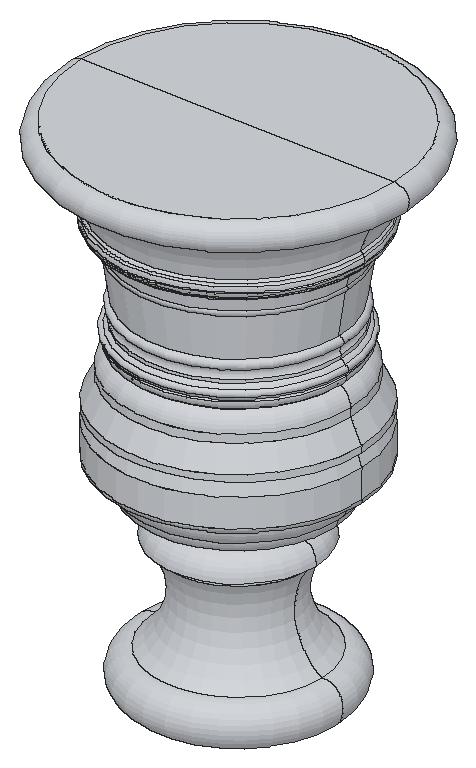
Revit family
Parameters (values of type "SBSP-047.1")
  Width = 1' - 4"
  URL = "www.strombergarchitectural.com"
  Top Material = GFRC
  Submittal Sheet = "www.strombergarchitectural.com/images/materials/gfrc/submittal/gfrc-submittal-sheet.pdf"
  Specifications = "www.strombergarchitectural.com/gfrcspecifications"
  Model Cut-sheet = "www.strombergarchitectural.com/products/bollards/design/SBSP-047"
  Model = "SBSP-047"
  Manufacturer = "Stromberg Architectural Products"
  Guidebook = "www.strombergarchitectural.com/images/materials/gfrc/handbooks/gfrc_guidebook.pdf   \r\n(http://www.strombergarchitectural.com/images/materials/gfrc/handbooks/gfrc_guidebook.pdf"
  Frame Material = none
  Description = "GFRC Bollard"
  Assembly Code = ""
  Height = 2' - 0"
  XXX.5 = no
  XXX.4 = no
  XXX.3 = no
  XXX.2 = no
  XXX.1 = yes
Types (6): name | Width | Guidebook | Height | XXX.5 | XXX.4 | XXX.3 | XXX.2 | XXX.1
  (no name) | 1' - 4" | "www.strombergarchitectural.com/images/materials/gfrc/handbooks/gfrc_guidebook.pdf   \r\n(http://www.strombergarchitectural.com/images/materials/gfrc/handbooks/gfrc_guidebook.pdf" | 2' - 0" | no | no | no | no | yes
  SBSP-047.3 | 2' - 0" | "www.strombergarchitectural.com/images/materials/gfrc/handbooks/gfrc_guidebook.pdf" | 3' - 0" | no | no | yes | no | no
  SBSP-047.1 | 1' - 4" | "www.strombergarchitectural.com/images/materials/gfrc/handbooks/gfrc_guidebook.pdf   \r\n(http://www.strombergarchitectural.com/images/materials/gfrc/handbooks/gfrc_guidebook.pdf" | 2' - 0" | no | no | no | no | yes
  SBSP-047.2 | 1' - 8" | "www.strombergarchitectural.com/images/materials/gfrc/handbooks/gfrc_guidebook.pdf" | 2' - 6" | no | no | no | yes | no
  SBSP-047.4 | 2' - 4" | "www.strombergarchitectural.com/images/materials/gfrc/handbooks/gfrc_guidebook.pdf" | 3' - 6" | no | yes | no | no | no
  SBSP-047.5 | 2' - 8" | "www.strombergarchitectural.com/images/materials/gfrc/handbooks/gfrc_guidebook.pdf" | 4' - 0" | yes | no | no | no | no
Reference planes (in)
  plane 1 "Center (Front/Back)": y = 3.74847
  plane 2: z = 0
  plane 3 "Center (Left/Right)": x = 0.7278
Forms (in)
  Revolve 1, solid, visible <- "XXX.1"
    sketch origin (0, 3.74847, 0) x (1, 0, 0) y (0, 0, 1)
      loop
        arc (-6.60807, 24) -> (-7.2603, 23.34776) -> (-6.60807, 22.69553) r 0.65224
        arc (-6.60807, 22.69553) -> (-5.57922, 21.80649) -> (-5.02224, 20.56606) r 3.14268
        arc (-5.02224, 20.56606) -> (-5.07581, 20.50282) -> (-5.11984, 20.4326) r 0.58119
        arc (-5.11984, 20.4326) -> (-5.12367, 20.37025) -> (-5.16449, 20.32296) r 0.09771
        arc (-5.16449, 20.32296) -> (-5.18621, 20.20378) -> (-5.18275, 20.08269) r 0.58119
        arc (-5.18275, 20.08269) -> (-5.16198, 20.06238) -> (-5.1746, 20.03621) r 0.02489
        arc (-5.1746, 20.03621) -> (-5.14695, 19.94549) -> (-5.10492, 19.86048) r 0.58119
        arc (-5.10492, 19.86048) -> (-5.03968, 19.81624) -> (-5.01145, 19.74265) r 0.13156
        arc (-5.01145, 19.74265) -> (-4.86168, 19.63746) -> (-4.68662, 19.58406) r 0.58119
        line (-4.68662, 19.58406) -> (-4.52676, 19.58406)
        arc (-4.52676, 19.58406) -> (-4.44109, 19.22883) -> (-4.36101, 18.8723) r 23.27188
        arc (-4.36101, 18.8723) -> (-4.37731, 18.73324) -> (-4.30635, 18.61254) r 0.21983
        arc (-4.30635, 18.61254) -> (-4.1274, 17.63051) -> (-3.99074, 16.64171) r 23.27188
        arc (-3.99074, 16.64171) -> (-4.18455, 16.50392) -> (-4.12563, 16.27353) r 0.21009
        arc (-4.12563, 16.27353) -> (-4.02803, 16.06396) -> (-4.08216, 15.83921) r 0.35049
        arc (-4.08216, 15.83921) -> (-4.08283, 15.75766) -> (-4.07673, 15.67633) r 0.98035
        arc (-4.07673, 15.67633) -> (-4.17547, 15.60355) -> (-4.25067, 15.50663) r 0.44614
        arc (-4.25067, 15.50663) -> (-4.39726, 15.42823) -> (-4.38651, 15.26233) r 0.15352
        arc (-4.38651, 15.26233) -> (-4.35917, 15.16702) -> (-4.27783, 15.11031) r 0.14812
        arc (-4.27783, 15.11031) -> (-4.2697, 15.054) -> (-4.30113, 15.00656) r 0.07986
        arc (-4.30113, 15.00656) -> (-4.24398, 14.77273) -> (-4.0526, 14.62673) r 0.36122
        arc (-4.0526, 14.62673) -> (-4.00003, 14.63481) -> (-3.96254, 14.5971) r 0.05867
        arc (-3.96254, 14.5971) -> (-3.99271, 14.58324) -> (-4.02063, 14.56527) r 0.23512
        arc (-4.02063, 14.56527) -> (-4.39155, 14.25878) -> (-4.54176, 13.80166) r 0.86643
        line (-4.54176, 13.80166) -> (-4.54176, 13.42074) -> (-5.06697, 12.40443) -> (-5.06697, 12.09437) -> (-4.89301, 12.09437) -> (-5.07946, 11.45988) -> (-5.07946, 10.11941)
        arc (-5.07946, 10.11941) -> (-4.98022, 9.91412) -> (-4.75714, 9.86687) r 0.25896
        arc (-4.75714, 9.86687) -> (-4.64899, 9.9796) -> (-4.4928, 9.98215) r 0.20304
        arc (-4.4928, 9.98215) -> (-4.43793, 9.85981) -> (-4.37831, 9.73972) r 3.42057
        arc (-4.37831, 9.73972) -> (-4.26629, 9.25523) -> (-3.93477, 8.88459) r 1
        arc (-3.93477, 8.88459) -> (-3.63101, 8.39816) -> (-3.06945, 8.2818) r 0.7292
        arc (-3.06945, 8.2818) -> (-2.54589, 7.97384) -> (-1.93887, 7.95189) r 1.23838
        line (-1.93887, 7.95189) -> (-1.93887, 7.61855)
        arc (-1.93887, 7.61855) -> (-2.64597, 7.32566) -> (-2.93887, 6.61855) r 1
        line (-2.93887, 6.61855) -> (-2.5222, 6.61855) -> (-2.5222, 6.28522)
        arc (-2.5222, 6.28522) -> (-1.93964, 4.00012) -> (-3.18887, 2) r 2.99977
        arc (-3.18887, 2) -> (-4.18887, 1) -> (-3.18887, 0) r 1
        line (-3.18887, 0) -> (0.7278, 0) -> (0.7278, 24) -> (-6.60807, 24)
      axis (0.7278, 24) -> (0.7278, 0)
    angle from 0 to 360
  Revolve 2, solid, visible <- "XXX.2"
    sketch origin (0, 3.74847, 0) x (1, 0, 0) y (0, 0, 1)
      loop
        arc (-8.44203, 30) -> (-9.25733, 29.18471) -> (-8.44203, 28.36941) r 0.81529
        arc (-8.44203, 28.36941) -> (-7.15598, 27.25811) -> (-6.45974, 25.70757) r 3.92835
        arc (-6.45974, 25.70757) -> (-6.52671, 25.62852) -> (-6.58175, 25.54075) r 0.72649
        arc (-6.58175, 25.54075) -> (-6.58654, 25.46281) -> (-6.63756, 25.4037) r 0.12214
        arc (-6.63756, 25.4037) -> (-6.66471, 25.25473) -> (-6.66039, 25.10336) r 0.72649
        arc (-6.66039, 25.10336) -> (-6.63442, 25.07797) -> (-6.6502, 25.04526) r 0.03112
        arc (-6.6502, 25.04526) -> (-6.61564, 24.93187) -> (-6.5631, 24.8256) r 0.72649
        arc (-6.5631, 24.8256) -> (-6.48156, 24.7703) -> (-6.44626, 24.67832) r 0.16444
        arc (-6.44626, 24.67832) -> (-6.25904, 24.54683) -> (-6.04022, 24.48008) r 0.72649
        line (-6.04022, 24.48008) -> (-5.8404, 24.48008)
        arc (-5.8404, 24.48008) -> (-5.73331, 24.03604) -> (-5.63321, 23.59038) r 29.08985
        arc (-5.63321, 23.59038) -> (-5.65359, 23.41655) -> (-5.56489, 23.26568) r 0.27479
        arc (-5.56489, 23.26568) -> (-5.34121, 22.03814) -> (-5.17037, 20.80213) r 29.08985
        arc (-5.17037, 20.80213) -> (-5.41264, 20.6299) -> (-5.33899, 20.34191) r 0.26262
        arc (-5.33899, 20.34191) -> (-5.21699, 20.07995) -> (-5.28465, 19.79901) r 0.43811
        arc (-5.28465, 19.79901) -> (-5.28549, 19.69707) -> (-5.27786, 19.59542) r 1.22544
        arc (-5.27786, 19.59542) -> (-5.40129, 19.50444) -> (-5.49528, 19.38329) r 0.55767
        arc (-5.49528, 19.38329) -> (-5.67853, 19.28528) -> (-5.66509, 19.07791) r 0.1919
        arc (-5.66509, 19.07791) -> (-5.63091, 18.95877) -> (-5.52924, 18.88789) r 0.18515
        arc (-5.52924, 18.88789) -> (-5.51908, 18.8175) -> (-5.55836, 18.7582) r 0.09982
        arc (-5.55836, 18.7582) -> (-5.48692, 18.46591) -> (-5.2477, 18.28341) r 0.45152
        arc (-5.2477, 18.28341) -> (-5.18199, 18.29351) -> (-5.13512, 18.24637) r 0.07334
        arc (-5.13512, 18.24637) -> (-5.17283, 18.22905) -> (-5.20773, 18.20659) r 0.29389
        arc (-5.20773, 18.20659) -> (-5.67139, 17.82348) -> (-5.85915, 17.25208) r 1.08303
        line (-5.85915, 17.25208) -> (-5.85915, 16.77592) -> (-6.51567, 15.50554) -> (-6.51567, 15.11797) -> (-6.29822, 15.11797) -> (-6.53128, 14.32485) -> (-6.53128, 12.64927)
        arc (-6.53128, 12.64927) -> (-6.40723, 12.39265) -> (-6.12838, 12.33359) r 0.32369
        arc (-6.12838, 12.33359) -> (-5.99319, 12.4745) -> (-5.79795, 12.47769) r 0.2538
        arc (-5.79795, 12.47769) -> (-5.72936, 12.32477) -> (-5.65484, 12.17465) r 4.27571
        arc (-5.65484, 12.17465) -> (-5.51482, 11.56903) -> (-5.10041, 11.10574) r 1.24999
        arc (-5.10041, 11.10574) -> (-4.72072, 10.4977) -> (-4.01877, 10.35225) r 0.91151
        arc (-4.01877, 10.35225) -> (-3.36431, 9.9673) -> (-2.60553, 9.93986) r 1.54798
        line (-2.60553, 9.93986) -> (-2.60553, 9.52319)
        arc (-2.60553, 9.52319) -> (-3.48942, 9.15708) -> (-3.85553, 8.27319) r 1.25
        line (-3.85553, 8.27319) -> (-3.3347, 8.27319) -> (-3.3347, 7.85653)
        arc (-3.3347, 7.85653) -> (-2.6065, 5.00015) -> (-4.16803, 2.5) r 3.74971
        arc (-4.16803, 2.5) -> (-5.41803, 1.25) -> (-4.16803, 0) r 1.25
        line (-4.16803, 0) -> (0.7278, 0) -> (0.7278, 30) -> (-8.44203, 30)
      axis (0.7278, 30) -> (0.7278, 0)
    angle from 0 to 360
  Revolve 3, solid, visible <- "XXX.3"
    sketch origin (0, 3.74847, 0) x (1, 0, 0) y (0, 0, 1)
      loop
        arc (-10.276, 36) -> (-11.25435, 35.02165) -> (-10.276, 34.04329) r 0.97835
        arc (-10.276, 34.04329) -> (-8.73274, 32.70974) -> (-7.89725, 30.84909) r 4.71403
        arc (-7.89725, 30.84909) -> (-7.97761, 30.75423) -> (-8.04366, 30.6489) r 0.87179
        arc (-8.04366, 30.6489) -> (-8.04941, 30.55537) -> (-8.11063, 30.48444) r 0.14657
        arc (-8.11063, 30.48444) -> (-8.14321, 30.30567) -> (-8.13803, 30.12404) r 0.87179
        arc (-8.13803, 30.12404) -> (-8.10686, 30.09357) -> (-8.1258, 30.05432) r 0.03734
        arc (-8.1258, 30.05432) -> (-8.08433, 29.91824) -> (-8.02128, 29.79072) r 0.87179
        arc (-8.02128, 29.79072) -> (-7.92343, 29.72436) -> (-7.88107, 29.61398) r 0.19733
        arc (-7.88107, 29.61398) -> (-7.65641, 29.45619) -> (-7.39383, 29.37609) r 0.87179
        line (-7.39383, 29.37609) -> (-7.15404, 29.37609)
        arc (-7.15404, 29.37609) -> (-7.02553, 28.84325) -> (-6.90541, 28.30845) r 34.90782
        arc (-6.90541, 28.30845) -> (-6.92986, 28.09986) -> (-6.82342, 27.91881) r 0.32975
        arc (-6.82342, 27.91881) -> (-6.55501, 26.44576) -> (-6.35001, 24.96256) r 34.90782
        arc (-6.35001, 24.96256) -> (-6.64073, 24.75588) -> (-6.55235, 24.4103) r 0.31514
        arc (-6.55235, 24.4103) -> (-6.40595, 24.09594) -> (-6.48714, 23.75881) r 0.52573
        arc (-6.48714, 23.75881) -> (-6.48815, 23.63648) -> (-6.47899, 23.5145) r 1.47053
        arc (-6.47899, 23.5145) -> (-6.62711, 23.40533) -> (-6.7399, 23.25995) r 0.6692
        arc (-6.7399, 23.25995) -> (-6.95979, 23.14234) -> (-6.94367, 22.89349) r 0.23028
        arc (-6.94367, 22.89349) -> (-6.90266, 22.75053) -> (-6.78065, 22.66547) r 0.22218
        arc (-6.78065, 22.66547) -> (-6.76846, 22.581) -> (-6.81559, 22.50985) r 0.11979
        arc (-6.81559, 22.50985) -> (-6.72987, 22.1591) -> (-6.4428, 21.94009) r 0.54183
        arc (-6.4428, 21.94009) -> (-6.36395, 21.95221) -> (-6.3077, 21.89564) r 0.08801
        arc (-6.3077, 21.89564) -> (-6.35296, 21.87486) -> (-6.39484, 21.8479) r 0.35267
        arc (-6.39484, 21.8479) -> (-6.95122, 21.38817) -> (-7.17654, 20.7025) r 1.29964
        line (-7.17654, 20.7025) -> (-7.17654, 20.13111) -> (-7.96436, 18.60665) -> (-7.96436, 18.14156) -> (-7.70342, 18.14156) -> (-7.98309, 17.18982) -> (-7.98309, 15.17912)
        arc (-7.98309, 15.17912) -> (-7.83423, 14.87117) -> (-7.49961, 14.80031) r 0.38843
        arc (-7.49961, 14.80031) -> (-7.33739, 14.9694) -> (-7.1031, 14.97323) r 0.30456
        arc (-7.1031, 14.97323) -> (-7.0208, 14.78972) -> (-6.93136, 14.60958) r 5.13085
        arc (-6.93136, 14.60958) -> (-6.76334, 13.88284) -> (-6.26606, 13.32689) r 1.49999
        arc (-6.26606, 13.32689) -> (-5.81042, 12.59724) -> (-4.96808, 12.42271) r 1.09381
        arc (-4.96808, 12.42271) -> (-4.18273, 11.96076) -> (-3.2722, 11.92783) r 1.85758
        line (-3.2722, 11.92783) -> (-3.2722, 11.42783)
        arc (-3.2722, 11.42783) -> (-4.33286, 10.98849) -> (-4.7722, 9.92783) r 1.5
        line (-4.7722, 9.92783) -> (-4.1472, 9.92783) -> (-4.1472, 9.42783)
        arc (-4.1472, 9.42783) -> (-3.27335, 6.00018) -> (-5.1472, 3) r 4.49966
        arc (-5.1472, 3) -> (-6.6472, 1.5) -> (-5.1472, 0) r 1.5
        line (-5.1472, 0) -> (0.7278, 0) -> (0.7278, 36) -> (-10.276, 36)
      axis (0.7278, 36) -> (0.7278, 0)
    angle from 0 to 360
  Revolve 4, solid, visible <- "XXX.4"
    sketch origin (0, 3.74847, 0) x (1, 0, 0) y (0, 0, 1)
      loop
        arc (-12.10997, 42) -> (-13.25138, 40.85859) -> (-12.10997, 39.71718) r 1.14141
        arc (-12.10997, 39.71718) -> (-10.30949, 38.16136) -> (-9.33476, 35.9906) r 5.4997
        arc (-9.33476, 35.9906) -> (-9.42852, 35.87993) -> (-9.50557, 35.75705) r 1.01709
        arc (-9.50557, 35.75705) -> (-9.51228, 35.64793) -> (-9.5837, 35.56518) r 0.171
        arc (-9.5837, 35.56518) -> (-9.62171, 35.35662) -> (-9.61566, 35.14471) r 1.01709
        arc (-9.61566, 35.14471) -> (-9.57931, 35.10916) -> (-9.6014, 35.06337) r 0.04357
        arc (-9.6014, 35.06337) -> (-9.55302, 34.90461) -> (-9.47946, 34.75584) r 1.01709
        arc (-9.47946, 34.75584) -> (-9.3653, 34.67842) -> (-9.31588, 34.54964) r 0.23022
        arc (-9.31588, 34.54964) -> (-9.05378, 34.36556) -> (-8.74743, 34.27211) r 1.01709
        line (-8.74743, 34.27211) -> (-8.46768, 34.27211)
        arc (-8.46768, 34.27211) -> (-8.31775, 33.65046) -> (-8.17761, 33.02653) r 40.72579
        arc (-8.17761, 33.02653) -> (-8.20614, 32.78317) -> (-8.08196, 32.57195) r 0.38471
        arc (-8.08196, 32.57195) -> (-7.76881, 30.85339) -> (-7.52964, 29.12299) r 40.72579
        arc (-7.52964, 29.12299) -> (-7.86882, 28.88186) -> (-7.76571, 28.47868) r 0.36766
        arc (-7.76571, 28.47868) -> (-7.59491, 28.11193) -> (-7.68963, 27.71861) r 0.61335
        arc (-7.68963, 27.71861) -> (-7.69081, 27.5759) -> (-7.68012, 27.43358) r 1.71561
        arc (-7.68012, 27.43358) -> (-7.85293, 27.30622) -> (-7.98452, 27.13661) r 0.78074
        arc (-7.98452, 27.13661) -> (-8.24106, 26.99939) -> (-8.22225, 26.70907) r 0.26866
        arc (-8.22225, 26.70907) -> (-8.1744, 26.54228) -> (-8.03206, 26.44305) r 0.25921
        arc (-8.03206, 26.44305) -> (-8.01783, 26.3445) -> (-8.07282, 26.26149) r 0.13975
        arc (-8.07282, 26.26149) -> (-7.97281, 25.85228) -> (-7.6379, 25.59678) r 0.63213
        arc (-7.6379, 25.59678) -> (-7.54591, 25.61091) -> (-7.48029, 25.54492) r 0.10268
        arc (-7.48029, 25.54492) -> (-7.53309, 25.52067) -> (-7.58195, 25.48922) r 0.41145
        arc (-7.58195, 25.48922) -> (-8.23106, 24.95287) -> (-8.49393, 24.15291) r 1.51625
        line (-8.49393, 24.15291) -> (-8.49393, 23.48629) -> (-9.41305, 21.70776) -> (-9.41305, 21.16515) -> (-9.10862, 21.16515) -> (-9.43491, 20.05479) -> (-9.43491, 17.70897)
        arc (-9.43491, 17.70897) -> (-9.26124, 17.3497) -> (-8.87085, 17.26703) r 0.45317
        arc (-8.87085, 17.26703) -> (-8.68159, 17.4643) -> (-8.40825, 17.46877) r 0.35532
        arc (-8.40825, 17.46877) -> (-8.31223, 17.25467) -> (-8.20789, 17.04451) r 5.98599
        arc (-8.20789, 17.04451) -> (-8.01187, 16.19665) -> (-7.4317, 15.54803) r 1.74999
        arc (-7.4317, 15.54803) -> (-6.90012, 14.69677) -> (-5.91739, 14.49316) r 1.27611
        arc (-5.91739, 14.49316) -> (-5.00116, 13.95422) -> (-3.93887, 13.9158) r 2.16717
        line (-3.93887, 13.9158) -> (-3.93887, 13.33247)
        arc (-3.93887, 13.33247) -> (-5.1763, 12.81991) -> (-5.68887, 11.58247) r 1.75
        line (-5.68887, 11.58247) -> (-4.9597, 11.58247) -> (-4.9597, 10.99914)
        arc (-4.9597, 10.99914) -> (-3.94021, 7.00021) -> (-6.12637, 3.5) r 5.2496
        arc (-6.12637, 3.5) -> (-7.87637, 1.75) -> (-6.12637, 0) r 1.75
        line (-6.12637, 0) -> (0.7278, 0) -> (0.7278, 42) -> (-12.10997, 42)
      axis (0.7278, 42) -> (0.7278, 0)
    angle from 0 to 360
  Revolve 5, solid, visible <- "XXX.5"
    sketch origin (0, 3.74847, 0) x (1, 0, 0) y (0, 0, 1)
      loop
        arc (-13.94393, 48) -> (-15.2484, 46.69553) -> (-13.94393, 45.39106) r 1.30447
        arc (-13.94393, 45.39106) -> (-11.88625, 43.61298) -> (-10.77227, 41.13212) r 6.28537
        arc (-10.77227, 41.13212) -> (-10.87942, 41.00564) -> (-10.96748, 40.86519) r 1.16238
        arc (-10.96748, 40.86519) -> (-10.97514, 40.74049) -> (-11.05677, 40.64592) r 0.19543
        arc (-11.05677, 40.64592) -> (-11.10022, 40.40756) -> (-11.0933, 40.16538) r 1.16238
        arc (-11.0933, 40.16538) -> (-11.05175, 40.12476) -> (-11.077, 40.07242) r 0.04979
        arc (-11.077, 40.07242) -> (-11.02171, 39.89098) -> (-10.93763, 39.72096) r 1.16238
        arc (-10.93763, 39.72096) -> (-10.80717, 39.63248) -> (-10.7507, 39.48531) r 0.26311
        arc (-10.7507, 39.48531) -> (-10.45115, 39.27492) -> (-10.10103, 39.16812) r 1.16238
        line (-10.10103, 39.16812) -> (-9.78132, 39.16812)
        arc (-9.78132, 39.16812) -> (-9.60998, 38.45766) -> (-9.44981, 37.7446) r 46.54376
        arc (-9.44981, 37.7446) -> (-9.48242, 37.46648) -> (-9.3405, 37.22508) r 0.43967
        arc (-9.3405, 37.22508) -> (-8.98261, 35.26102) -> (-8.70927, 33.28341) r 46.54376
        arc (-8.70927, 33.28341) -> (-9.09691, 33.00784) -> (-8.97907, 32.54706) r 0.42019
        arc (-8.97907, 32.54706) -> (-8.78386, 32.12792) -> (-8.89212, 31.67841) r 0.70098
        arc (-8.89212, 31.67841) -> (-8.89347, 31.51531) -> (-8.88126, 31.35267) r 1.9607
        arc (-8.88126, 31.35267) -> (-9.07875, 31.20711) -> (-9.22913, 31.01327) r 0.89227
        arc (-9.22913, 31.01327) -> (-9.52232, 30.85645) -> (-9.50083, 30.52465) r 0.30704
        arc (-9.50083, 30.52465) -> (-9.44614, 30.33404) -> (-9.28347, 30.22062) r 0.29624
        arc (-9.28347, 30.22062) -> (-9.26721, 30.10799) -> (-9.33006, 30.01313) r 0.15972
        arc (-9.33006, 30.01313) -> (-9.21576, 29.54546) -> (-8.83299, 29.25346) r 0.72244
        arc (-8.83299, 29.25346) -> (-8.72787, 29.26961) -> (-8.65287, 29.19419) r 0.11734
        arc (-8.65287, 29.19419) -> (-8.71321, 29.16648) -> (-8.76905, 29.13054) r 0.47023
        arc (-8.76905, 29.13054) -> (-9.5109, 28.51756) -> (-9.81132, 27.60333) r 1.73285
        line (-9.81132, 27.60333) -> (-9.81132, 26.84148) -> (-10.86175, 24.80886) -> (-10.86175, 24.18874) -> (-10.51383, 24.18874) -> (-10.88672, 22.91976) -> (-10.88672, 20.23883)
        arc (-10.88672, 20.23883) -> (-10.68824, 19.82823) -> (-10.24209, 19.73375) r 0.51791
        arc (-10.24209, 19.73375) -> (-10.02579, 19.9592) -> (-9.7134, 19.96431) r 0.40608
        arc (-9.7134, 19.96431) -> (-9.60366, 19.71963) -> (-9.48442, 19.47943) r 6.84113
        arc (-9.48442, 19.47943) -> (-9.26039, 18.51045) -> (-8.59734, 17.76918) r 1.99999
        arc (-8.59734, 17.76918) -> (-7.98983, 16.79631) -> (-6.86671, 16.56361) r 1.45841
        arc (-6.86671, 16.56361) -> (-5.81958, 15.94768) -> (-4.60553, 15.90378) r 2.47677
        line (-4.60553, 15.90378) -> (-4.60553, 15.23711)
        arc (-4.60553, 15.23711) -> (-6.01975, 14.65132) -> (-6.60553, 13.23711) r 2
        line (-6.60553, 13.23711) -> (-5.7722, 13.23711) -> (-5.7722, 12.57044)
        arc (-5.7722, 12.57044) -> (-4.60707, 8.00024) -> (-7.10553, 4) r 5.99954
        arc (-7.10553, 4) -> (-9.10553, 2) -> (-7.10553, 0) r 2
        line (-7.10553, 0) -> (0.7278, 0) -> (0.7278, 48) -> (-13.94393, 48)
      axis (0.7278, 48) -> (0.7278, 0)
    angle from 0 to 360
